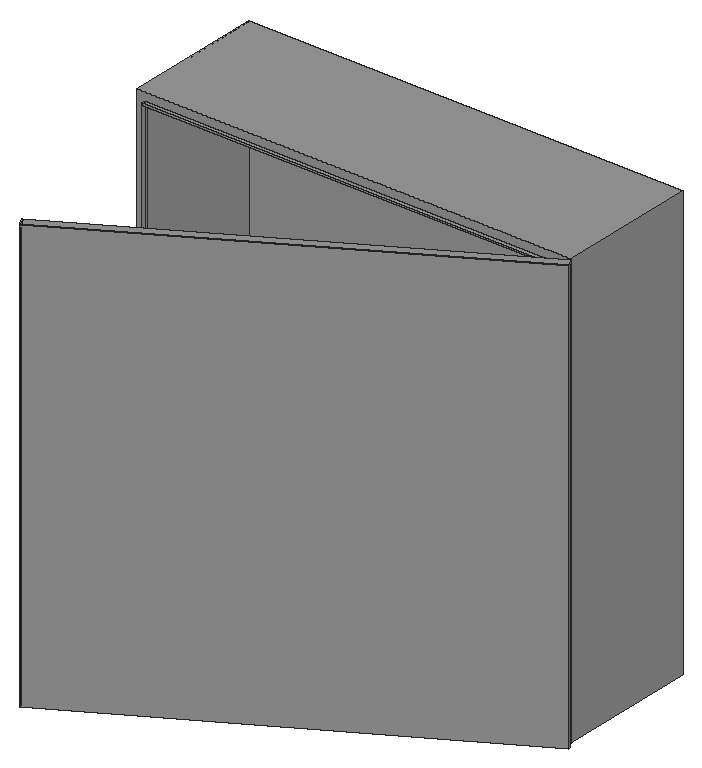
Revit family "Hager-Univers-IP55-D275-H800-Cl.II-Steel_encl-NoHosted-ES-es", category Electrical Equipment, Revit 2020
Family settings
  Panel Configuration = Two Columns, Circuits Across
  Round Connector Dimension = Use Diameter
  Part Type = Panelboard
  Work Plane-Based = Yes
  Always vertical = Yes
  Cut with Voids When Loaded = No
  Shared = No
  Room Calculation Point = No
Parameters (values of type "Montado superficial (escayola) IP55 A800 A800 P275  - FR53S")
  Width Control [instance] = if([EF000008 - Anchura] > Min Width, [EF000008 - Anchura], Min Width)  # 800 mm
  Type Comments = [HG000003 - Gama]  # "Univers"
  Thickness Door [instance] = if([EF009171 - Espesor puerta/tapa] > 3 mm, 3 mm, [EF009171 - Espesor puerta/tapa])  # 1.5 mm
  Seal Frame Offset [instance] = 17 mm  # constant formula
  Plinth Visibility [instance] = [HG000027 - Altura de zócalo] > 0 mm  # no
  Min Width [instance] = 100 mm  # constant formula
  Min Depth [instance] = (2 * [EF009170 - Espesor del material de la caja]) + 1 mm  # 4 mm
  Min Height [instance] = 100 mm  # constant formula
  Internal Frame Depth [instance] = (Door System Depth * 0.5)  # 9 mm
  Panel Name [instance] = ""  # (empty or 0)
  Model = ""
  HG000027 - Altura de zócalo = 0 mm
  HG000026 - Instalación en suelo = no
  HG000024 - Altura de la sección inferior = 600 mm
  HG000023 - Caja de doble sección = no
  HG000016 - Visibilidad de la puerta 3D [instance] = yes
  HG000015 - Visibilidad a través de la puerta [instance] = no
  HG000014 - Puerta a la derecha [instance] = yes
  HG000013 - Puerta a la izquierda [instance] = not([HG000014 - Puerta a la derecha])  # no
  HG000012 - Ángulo de giro de la puerta [instance] = 30.00°
  HG000010 - Puertas asimétricas = no
  HG000009 - Puerta batiente doble = no
  HG000006 - Empotrado = no
  HG000004 - Referencia del fabricante = "FR53S"
  HG000003 - Gama = "Univers"
  HG000002 - Con puerta o tapa = yes
  Frame Offset Bottom [instance] = 10 mm  # constant formula
  Frame Offset [instance] = 15 mm  # constant formula
  EF015940 - Tapa con alivio de sobrepresión = no
  EF011959 - Grado de protección (NEMA) = ""
  EF009554 - Número de aberturas para placas-brida = 6
  EF009212 - Versión de la cubierta = "EV000116 - Cerrado"
  EF009171 - Espesor puerta/tapa = 1.5 mm
  EF009170 - Espesor del material de la caja = 1.5 mm
  EF008873 - Corriente nominal (In) = 800 A
  EF007800 - Adecuado para la protección contra rayos = no
  EF006306 - Con cierre = no
  EF006244 - Tapa/puerta transparente = no
  EF005474 - Grado de protección (IP) = "EV006420 - IP55"
  EF004464 - Tipo de puerta = "EV002646 - Único"
  EF004427 - Número de módulos = 180
  EF004293 - Resistencia al impacto (IK) = "EV008784 - IK10"
  EF003532 - Adecuado para uso en exteriores = no
  EF002950 - Anchura de unidades de división = 24
  EF001613 - Integridad del circuito = "EV000494 - Ninguno"
  EF001596 - Material de la carcasa = "EV000179 - Acero"
  EF001131 - Profundidad interna = 275 mm
  EF001088 - Posibilidad de extensión = yes
  EF000437 - Número de entradas de conductos de cables = 6
  EF000339 - Tipo de cubierta = "EV004216 - Puerta"
  EF000266 - Número de filas = 5
  EF000218 - Profundidad de instalación = 0 mm
  EF000118 - Con placa de montaje = no
  EF000116 - Número RAL = "7035"
  EF000049 - Profundidad = 275 mm
  EF000040 - Altura = 800 mm
  EF000008 - Anchura = 800 mm
  EF000007 - Color = "EV000270 - Gris"
  EF000003 - Tipo de montaje = "EV000384 - Montado superficial (escayola)"
  Door System Leaf Tolerance [instance] = 1.5 mm  # constant formula
  Door System Depth [instance] = 18 mm  # constant formula
  Door Height [instance] = Height Control - [HG000027 - Altura de zócalo]  # 800 mm
  Description = ""
  Default Elevation = 1219.2 mm
  Connector Offset [instance] = Height Control / 2  # 400 mm
  Manufacturer = "Hager"  # constant formula
  Height Control [instance] = if([EF000040 - Altura] > Min Height, [EF000040 - Altura], Min Height)  # 800 mm
  Depth Control [instance] = if([EF000049 - Profundidad] > Min Depth, [EF000049 - Profundidad], Min Depth)  # 275 mm
  Bottom Top Plate Trim [instance] = 1.5 mm  # constant formula
  Plinth height Ctrl [instance] = if([HG000027 - Altura de zócalo] > 0 mm, [HG000027 - Altura de zócalo], 12 mm)  # 12 mm
Types (5, lengths in mm): name | Width Control | HG000010 - Puertas asimétricas | HG000009 - Puerta batiente doble | HG000004 - Referencia del fabricante | EF009554 - Número de aberturas para placas-brida | EF004464 - Tipo de puerta | EF004427 - Número de módulos | EF000437 - Número de entradas de conductos de cables | EF000008 - Anchura
  Montado superficial (escayola) IP55 A1050 A800 P275  - FR54S | 1050 | no | yes | "FR54S" | 8 | "EV003602 - Doble" | 240 | 8 | 1050
  Montado superficial (escayola) IP55 A1300 A800 P275  - FR55S | 1300 | yes | yes | "FR55S" | 10 | "EV003602 - Doble" | 300 | 10 | 1300
  Montado superficial (escayola) IP55 A300 A800 P275  - FR51S | 300 | no | no | "FR51S" | 2 | "EV002646 - Único" | 60 | 2 | 300
  Montado superficial (escayola) IP55 A550 A800 P275  - FR52S | 550 | no | no | "FR52S" | 4 | "EV002646 - Único" | 120 | 4 | 550
  Montado superficial (escayola) IP55 A800 A800 P275  - FR53S | 800 | no | no | "FR53S" | 6 | "EV002646 - Único" | 180 | 6 | 800
Reference planes
  plane 1 "Center (Front/Back)": y = 0
  plane 2: z = 0
  plane 3 "Center (Left/Right)": x = 0
  plane 4: y = 0
  plane 5: y = 0
  plane 6: z = 0
  plane 7: x = -400
  plane 8: x = 400
  plane 9: x = 398.5
  plane 10: x = -398.5
  plane 11: z = 0
  plane 12: z = 1.5
  plane 13: y = -275
  plane 14: y = -1.5
  plane 15: x = 0
  plane 16: y = -257
  plane 17: y = -273.5
  plane 18: y = -255.5
  plane 19: x = -383.5
  plane 20: x = 383.5
  plane 21: z = 11.5
  plane 22: x = -383
  plane 23: x = 383
  plane 24: z = 0
  plane 25: z = 800
  plane 26: z = 800
  plane 27: z = 783.5
  plane 28: z = 798.5
Forms (mm)
  Extrusion 1, solid, material "Hager_Steel_RAL7035_Light_Grey", detail levels medium+fine
    sketch origin (-208.679, -4572, 0) x (-1, 0, 0) y (0, -1, 0)
      loop
        line (191.321, -4315) -> (-608.679, -4315) -> (-608.679, -4572) -> (191.321, -4572) -> (191.321, -4315)
    from 0 to 800
  Extrusion 2, void
    sketch origin (-350.771, -275, 1219.2) x (1, 0, 0) y (0, 0, 1)
      loop
        line (-47.729, -420.7) -> (-47.729, -1217.7) -> (749.271, -1217.7) -> (749.271, -420.7) -> (-47.729, -420.7)
    from -19.5 to -273.5
  Extrusion 3, void
    sketch origin (-290.084, -257, 1219.2) x (1, 0, 0) y (0, 0, 1)
      loop
        line (-93.416, -1207.7) -> (673.584, -1207.7) -> (673.584, -435.7) -> (-93.416, -435.7) -> (-93.416, -1207.7)
    from 0 to -1.5
  Extrusion 4, solid, material "Hager_Steel_RAL7035_Light_Grey", visible <- "Plinth Visibility", detail levels medium+fine
    sketch origin (0, 0, 0) x (1, 0, 0) y (0, 1, 0)
      loop
        line (-400, 0) -> (-400, -257) -> (400, -257) -> (400, 0) -> (-400, 0)
    from 0 to 12 <- "Plinth height Ctrl"
  Extrusion 5, solid, material "Hager_Steel_RAL7035_Light_Grey", detail levels coarse
    sketch origin (0, 0, 0) x (1, 0, 0) y (0, 1, 0)
      loop
        line (-400, 0) -> (-400, -275) -> (400, -275) -> (400, 0) -> (-400, 0)
    from 0 to 800 <- "Height Control"
  Sweep 6, void
    path in 3D
      loop
        line (-400, -257, 12) -> (400, -257, 12) -> (400, 0, 12) -> (-400, 0, 12) -> (-400, -257, 12)
    profile origin (-400, -128.5, 12) x (1, 0, 0) y (0, 0, 1)
      loop
        line (0, 0) -> (0, -1.5) -> (1.5, -1.5)
        arc (1.5, -1.5) -> (1.061, -0.439) -> (0, 0) r 1.5
  Extrusion 7, solid, material "Hager_Steel_RAL7035_Light_Grey", detail levels fine
    sketch origin (-400, -257, 0) x (1, 0, 0) y (0, 0, 1)
      loop
        line (16.5, 11.5) -> (783.5, 11.5) -> (783.5, 783.5) -> (16.5, 783.5) -> (16.5, 11.5)
      loop
        line (15, 10) -> (785, 10) -> (785, 785) -> (15, 785) -> (15, 10)
    from 0 to 9 <- "Internal Frame Depth"
Cuts and joins
  Extrusion 2, Extrusion 3 cuts Extrusion 1
  Sweep 6 cuts Extrusion 4
Lines and regions (mm)
  Masking region 1
    outline origin (0, 0, 0) x (1, 0, 0) y (0, 1, 0)
      loop
        line (-400, 0) -> (-400, -275) -> (400, -275) -> (400, 0) -> (-400, 0)
  Masking region 2, detail levels coarse
    outline origin (-290.084, -257, 1219.2) x (-1, 0, 0) y (0, 0, 1)
      loop
        line (-690.084, -1219.2) -> (109.916, -1219.2) -> (109.916, -419.2) -> (-690.084, -419.2) -> (-690.084, -1219.2)
  Masking region 3, detail levels coarse
    outline origin (0, 0, 0) x (0, 1, 0) y (0, 0, 1)
      loop
        line (0, 0) -> (0, 800) -> (-275, 800) -> (-275, 0) -> (0, 0)
  Masking region 4, visible <- "Plinth Visibility", detail levels medium+fine
    outline origin (0, 0, 0) x (0, 1, 0) y (0, 0, 1)
      loop
        line (-1.5, 12) -> (-255.5, 12)
        arc (-255.5, 12) -> (-255.939, 10.939) -> (-257, 10.5) r 1.5
        line (-257, 10.5) -> (-257, 0) -> (0, 0) -> (0, 10.5)
        arc (0, 10.5) -> (-1.061, 10.939) -> (-1.5, 12) r 1.5
  Masking region 5, detail levels medium+fine
    outline origin (0, 0, 594.038) x (0, 1, 0) y (0, 0, 1)
      loop
        line (0, -594.038) -> (0, 205.962) -> (-257, 205.962) -> (-257, -594.038) -> (0, -594.038)
  Masking region 6, detail levels medium+fine
    outline origin (-359.7, -257, 1211.883) x (-1, 0, 0) y (0, 0, 1)
      loop
        line (-759.7, -1211.883) -> (40.3, -1211.883) -> (40.3, -411.883) -> (-759.7, -411.883) -> (-759.7, -1211.883)
  Masking region 7, visible <- "Plinth Visibility", detail levels medium+fine
    outline origin (-320.334, -257, 1041.368) x (-1, 0, 0) y (0, 0, 1)
      loop
        line (-720.334, -1041.368) -> (79.666, -1041.368) -> (79.666, -1030.868)
        arc (79.666, -1030.868) -> (78.606, -1030.429) -> (78.166, -1029.368) r 1.5
        line (78.166, -1029.368) -> (-718.834, -1029.368)
        arc (-718.834, -1029.368) -> (-719.273, -1030.429) -> (-720.334, -1030.868) r 1.5
        line (-720.334, -1030.868) -> (-720.334, -1041.368)
  sketch lines
    curve 1: line (-400, 0, 12) -> (-400, -257, 12)
    curve 2: line (-400, -257, 12) -> (400, -257, 12)
    curve 3: line (400, 0, 12) -> (-400, 0, 12)
    curve 4: line (400, -257, 12) -> (400, 0, 12)
Dimensions and locks
  locked: plane 1 "Center (Front/Back)" to plane 5
  "EF009170 - Espesor del material de la caja": plane 7 to plane 10
  "EF009170 - Espesor del material de la caja": plane 8 to plane 9
  equal spacing: plane 7, plane 3 "Center (Left/Right)", plane 8
  "Width Control": plane 7 to plane 8
  "Depth Control": plane 4 to plane 13
  "EF009170 - Espesor del material de la caja": plane 4 to plane 14
  "Height Control": plane 25 to level
  "HG000027 - Altura de zócalo": plane 11 to level
  "EF009170 - Espesor del material de la caja": plane 12 to plane 11
  "EF009170 - Espesor del material de la caja": plane 17 to plane 13
  "EF009170 - Espesor del material de la caja": plane 18 to plane 16
  "Frame Offset Bottom": plane 21 to plane 12
  "Frame Offset": plane 10 to plane 19
  "Frame Offset": plane 9 to plane 20
  "Door System Depth": plane 16 to plane 13
  "Seal Frame Offset": plane 7 to plane 22
  "Seal Frame Offset": plane 8 to plane 23
  "EF009170 - Espesor del material de la caja": plane 26 to plane 28
  "Frame Offset": plane 28 to plane 27
  "Connector Offset": plane 2 to connector elem
  "Bottom Top Plate Trim": profile plane to Sweep 6 sketch curve
  "Bottom Top Plate Trim": Sweep 6 sketch curve to Sweep 6 sketch curve
  "Plinth height Ctrl": Masking region 4 sketch curve to level
  "Plinth height Ctrl": Masking region 7 sketch curve to level
  "Thickness Door": Extrusion 7 sketch curve to Extrusion 7 sketch curve  (x4)
  "Bottom Top Plate Trim": radius of Sweep 6 sketch curve
  "Bottom Top Plate Trim": radius of Masking region 4 sketch curve  (x2)
  "Bottom Top Plate Trim": radius of Masking region 7 sketch curve  (x2)
  aligned and locked: Extrusion 2 sketch curve to plane 12
  aligned and locked: Extrusion 2 sketch curve to plane 9
  aligned and locked: Extrusion 2 sketch curve to plane 10
  aligned and locked: Extrusion 2 to plane 14
  aligned and locked: Extrusion 1 sketch curve to plane 4
  aligned and locked: plane 8 to Extrusion 1 sketch curve
  aligned and locked: plane 7 to Extrusion 1 sketch curve
  aligned and locked: Extrusion 2 to plane 18
  aligned and locked: Extrusion 3 sketch curve to plane 19
  aligned and locked: plane 20 to Extrusion 3 sketch curve
  aligned and locked: Extrusion 3 to Extrusion 2
  aligned and locked: Extrusion 3 sketch curve to plane 21
  aligned and locked: plane 3 "Center (Left/Right)" to nested 1
  aligned and locked: Extrusion 1 sketch curve to plane 16
  aligned and locked: Extrusion 4 sketch curve to cut or joined group of Extrusion 1, Extrusion 2, Extrusion 3
  aligned and locked: Masking region 1 sketch curve to plane 7
  aligned and locked: Masking region 1 sketch curve to plane 5
  aligned and locked: Masking region 1 sketch curve to plane 8
  aligned and locked: Masking region 2 sketch curve to level
  aligned and locked: level to Masking region 3 sketch curve
  aligned and locked: plane 1 "Center (Front/Back)" to Masking region 3 sketch curve
  aligned and locked: plane 13 to Masking region 3 sketch curve
  aligned and locked: plane 5 to Masking region 4 sketch curve
  aligned and locked: Masking region 2 sketch curve to plane 8
  aligned and locked: Masking region 2 sketch curve to plane 7
  aligned and locked: plane 7 to nested 2
  aligned and locked: nested 2 to plane 5
  aligned and locked: plane 5 to Masking region 5 sketch curve
  aligned and locked: plane 26 to Masking region 5 sketch curve
  aligned and locked: Extrusion 5 sketch curve to plane 8
  aligned and locked: Extrusion 5 sketch curve to plane 7
  aligned and locked: Extrusion 5 sketch curve to plane 5
  aligned and locked: Extrusion 3 sketch curve to plane 27
  aligned and locked: Extrusion 2 sketch curve to plane 28
  aligned and locked: Masking region 2 to plane 25
  aligned and locked: Extrusion 4 to plane 16
  aligned and locked: profile plane to Sweep 6 sketch curve
  aligned and locked: Masking region 5 sketch curve to plane 24
  aligned and locked: level to Masking region 4 sketch curve
  aligned and locked: Masking region 1 to plane 13
  aligned and locked: nested 1 to plane 16
  aligned and locked: Masking region 3 to plane 25
  aligned and locked: plane 16 to Masking region 4 sketch curve
  aligned and locked: Masking region 5 sketch curve to plane 16
  aligned and locked: plane 24 to plane 11
  aligned and locked: plane 26 to plane 25
  aligned and locked: plane 26 to cut or joined group of Extrusion 1, Extrusion 2, Extrusion 3
  aligned and locked: nested 1 to plane 24
  aligned and locked: Extrusion 1 to Extrusion 3
  aligned and locked: Masking region 6 sketch curve to plane 8
  aligned and locked: Masking region 6 sketch curve to plane 24
  aligned and locked: Masking region 6 sketch curve to plane 7
  aligned and locked: Masking region 6 sketch curve to plane 26
  aligned and locked: Masking region 7 sketch curve to plane 7
  aligned and locked: level to Masking region 7 sketch curve
  aligned and locked: Masking region 7 sketch curve to plane 8
  aligned and locked: Extrusion 7 sketch curve to cut or joined group of Extrusion 1, Extrusion 2, Extrusion 3  (x4)
Automatic sketch dimensions
  plane 19 to Extrusion 3 sketch curve = 0 mm
  Extrusion 3 sketch curve to plane 20 = 0 mm
  Extrusion 3 sketch curve to plane 21 = 0 mm
  Extrusion 4 sketch curve to plane 7 = 0 mm
  Extrusion 4 sketch curve to plane 8 = 0 mm
  Extrusion 4 sketch curve to plane 16 = 0 mm
  Masking region 1 sketch curve to plane 13 = 0 mm
  Masking region 2 sketch curve to plane 25 = 0 mm
  Masking region 3 sketch curve to plane 25 = 0 mm
  Extrusion 5 sketch curve to plane 13 = 0 mm
  profile plane to Sweep 6 sketch curve = 0 mm
Nested families
  nested 1: "EC000058_Univers_Door" at (0, -257, 0), Double <- "HG000009 - Puerta batiente doble", Transparent <- "EF006244 - Tapa/puerta transparente", Angle <- "HG000012 - Ángulo de giro de la puerta", Door_Right <- "HG000014 - Puerta a la derecha", Assymetrical <- "HG000010 - Puertas asimétricas", Door <- "HG000002 - Con puerta o tapa", Width_Ctrl <- "Width Control", 3d_Door <- "HG000016 - Visibilidad de la puerta 3D", Clearance <- "HG000015 - Visibilidad a través de la puerta", Door_Left <- "HG000013 - Puerta a la izquierda", Width <- "Width Control", Door_Depth <- "Door System Depth", Leaf_Tolerance <- "Door System Leaf Tolerance", Height <- "Door Height", Lock_Visibility <- "EF006306 - Con cierre", Thickness <- "Thickness Door", type "EC000058_Univers_Door", detail levels medium+fine
    with min_wh 4 mm, Width_Ctrl 800 mm, Width 800 mm, Transparent no, Thickness 1.5 mm, Seal_Material Hager_Rubber, Lock_Visibility no, Lock_Material Hager_Plastic_RAL9005_Jet_Black, Leaf_Width 800 mm, Leaf_Tolerance_External_Sides 0 mm, Leaf_Tolerance 1.5 mm, Leaf_Offset 0 mm, Leaf_Height 797 mm, Leaf_2_Width 800 mm, Leaf_2_Offset 400 mm, Leaf_1_Width 800 mm, Leaf_1_Offset 400 mm, Height_Ctrl 800 mm, Height 800 mm, Glass_Material Hager_Glass, Double_Clearance_Ctrl no, Double no, Door_Right_Ctrl yes, Door_Right yes, Door_Material Hager_Steel_RAL7035_Light_Grey, Door_Left_Ctrl no, Door_Left no, Door_Depth 18 mm, Door yes, Clearance_Material Hager_Clearance, Clearance_Depth 800 mm, Clearance_Ctrl no, Clearance no, Assymetrical no, Angle 30.00°, 3d_Door yes
  nested 2: "Hager_Enclosure_Symbol" at (-400, 0, 0), Height <- "Depth Control", Width <- "Width Control", type "Hager_Enclosure_Symbol"
    with Width_Ctrl 800 mm, Width 800 mm, Height_Ctrl 275 mm, Height 275 mm, A_Width_Int 18.047 mm, A_Width 216.562 mm, A_Height_Ctrl 240.625 mm, A_Height 240.625 mm
Connectors
  electrical at (0, 0, 400)
    settings: on plane 1 "Center (Front/Back)", index 1, voltage 0 V, apparent load 0 VA, apparent load phase1 0 VA, apparent load phase2 0 VA, apparent load phase3 0 VA, power factor 1, load classification "Other", number of poles 1, system type 30, power factor state 1, is connector primary yes, connector utility no, sub classification motor no, connector description ""
Definition of nested family "EC000058_Univers_Door"
  Parameters (values of type "EC000058_Univers_Door")
    min_wh [instance] = (2 * Thickness) + 1 mm  # 11 mm
    Width_Ctrl [instance] = 400 mm
    Width [instance] = 500 mm
    Transparent [instance] = yes
    Thickness [instance] = 5 mm
    Seal_Material [instance] = none
    Lock_Visibility [instance] = yes
    Lock_Material [instance] = none
    Leaf_Width [instance] = if((Width_Ctrl - 2 * Leaf_Tolerance_External_Sides) > 0 mm, (Width_Ctrl - 2 * Leaf_Tolerance_External_Sides), min_wh)  # 400 mm
    Leaf_Tolerance_External_Sides [instance] = 0 mm  # constant formula
    Leaf_Tolerance [instance] = 1.5 mm
    Leaf_Offset [instance] = 0 mm  # constant formula
    Leaf_Height [instance] = if((Height_Ctrl - 2 * Leaf_Tolerance) > 0 mm, (Height_Ctrl - 2 * Leaf_Tolerance), min_wh)  # 497 mm
    Leaf_2_Width [instance] = if(and(and(Double, Assymetrical), Door_Left), (Leaf_Width / 3) - (Leaf_Tolerance / 2), if(and(and(Double, Assymetrical), Door_Right), (Leaf_Width / 3) * 2 - (Leaf_Tolerance / 2), if(and(Double, not(Assymetrical)), (Leaf_Width / 2) - Leaf_Tolerance, Leaf_Width)))  # 400 mm
    Leaf_2_Offset [instance] = if(and(Double, Assymetrical), Leaf_2_Width / 2, if(and(Double, not(Assymetrical)), Leaf_Width / 4, Leaf_Width / 2))  # 200 mm
    Leaf_1_Width [instance] = if(and(and(Double, Assymetrical), Door_Right), (Leaf_Width / 3) - (Leaf_Tolerance / 2), if(and(and(Double, Assymetrical), Door_Left), (Width / 3) * 2 - (Leaf_Tolerance / 2), if(and(Double, not(Assymetrical)), (Leaf_Width / 2) - Leaf_Tolerance, Leaf_Width)))  # 400 mm
    Leaf_1_Offset [instance] = if(and(Double, Assymetrical), Leaf_1_Width / 2, if(and(Double, not(Assymetrical)), Leaf_Width / 4, Leaf_Width / 2))  # 200 mm
    Height_Ctrl [instance] = if(Height > min_wh, Height, min_wh)  # 500 mm
    Height [instance] = 500 mm
    Glass_Material [instance] = none
    Double_Clearance_Ctrl [instance] = and(Double, Clearance)  # no
    Double [instance] = no
    Door_Right_Ctrl [instance] = and(or(Door_Right, Double), Door)  # yes
    Door_Right [instance] = yes
    Door_Material [instance] = none
    Door_Left_Ctrl [instance] = and(or(Door_Left, Double), Door)  # no
    Door_Left [instance] = no
    Door_Depth [instance] = 30 mm
    Door [instance] = yes
    Default Elevation = 1219.2 mm
    Clearance_Material [instance] = none
    Clearance_Depth [instance] = if(Leaf_1_Width > Leaf_2_Width, Leaf_1_Width, Leaf_2_Width)  # 400 mm
    Clearance_Ctrl [instance] = and(not(Double), Clearance)  # yes
    Clearance [instance] = yes
    Assymetrical [instance] = yes
    Angle [instance] = 30.00°
    3d_Door [instance] = yes
  Reference planes
    plane 1 "Center (Front/Back)": y = 0
    plane 2 "Bottom": z = 0
    plane 3 "Center (Left/Right)": x = 0
    plane 4: z = 500
    plane 5: x = -200
    plane 6: x = 200
    plane 7: z = 500
    plane 8: x = -200
    plane 9: z = 0
    plane 10: x = 200
    plane 11: y = 0
    plane 12: z = 1.5
    plane 13: x = -600
    plane 14: y = -400
    plane 15: x = 600
    plane 16: x = 0
    plane 17: x = 0
    plane 18: x = -200
    plane 19: x = 200
    plane 20: z = 498.5
  Forms (mm)
    Extrusion 1, solid, material <- "Clearance_Material", visible <- "Double_Clearance_Ctrl"
      sketch origin (1200, 0, 0) x (1, 0, 0) y (0, 0, -1)
        loop
          line (-1800, -498.5) -> (-600, -498.5) -> (-600, 0) -> (-1800, 0) -> (-1800, -498.5)
      from 0 to -400
  Dimensions and locks
    equal spacing: plane 5, plane 3 "Center (Left/Right)", plane 6
    "Width_Ctrl": plane 5 to plane 6
    "Leaf_Offset": plane 5 to plane 8
    "Leaf_Offset": plane 6 to plane 10
    "Leaf_Offset": plane 9 to level
    "Leaf_Offset": plane 4 to plane 7
    "Height_Ctrl": plane 4 to level
    "Leaf_Tolerance": plane 12 to plane 9
    locked: plane 11 to plane 1 "Center (Front/Back)"
    "Leaf_1_Offset": plane 18 to plane 16
    "Leaf_2_Offset": plane 17 to plane 19
    "Leaf_1_Width": plane 13 to plane 8
    "Leaf_2_Width": plane 10 to plane 15
    "Clearance_Depth": plane 14 to plane 1 "Center (Front/Back)"
    "Leaf_Tolerance_External_Sides": plane 8 to plane 18
    "Leaf_Tolerance_External_Sides": plane 19 to plane 10
    "Leaf_Tolerance": plane 7 to plane 20
    aligned and locked: level to plane 2 "Bottom"
    aligned and locked: nested 1 to plane 16
    aligned and locked: nested 2 to plane 17
    aligned and locked: Extrusion 1 to plane 13
    aligned and locked: plane 15 to Extrusion 1
    aligned and locked: Extrusion 1 to plane 14
    aligned and locked: plane 12 to nested 1
    aligned and locked: nested 2 to plane 12
    aligned and locked: Extrusion 1 to plane 11
    aligned and locked: plane 20 to Extrusion 1
    aligned and locked: nested 2 to plane 11
    aligned and locked: nested 1 to plane 11
  Automatic sketch dimensions
    Extrusion 1 sketch curve to level = 0 mm
    plane 5 to Extrusion 1 sketch curve = 400 mm
    plane 6 to Extrusion 1 sketch curve = 400 mm
    Extrusion 1 sketch curve to plane 4 = 1.5 mm
  Nested families
    nested 1: "EC000058_Univers_Door_Leaf" at (0, 0, 1.5), Width <- "Leaf_1_Width", visible <- "Door_Left_Ctrl", Leaf_Height <- "Leaf_Height", Angle <- "Angle", 3d_Door <- "3d_Door", Transparent <- "Transparent", Clearance Material <- "Clearance_Material", Clearance <- "Clearance_Ctrl", Door_Material <- "Door_Material", Glass_Material <- "Glass_Material", Door_Depth <- "Door_Depth", Lock_Material <- "Lock_Material", Seal_Material <- "Seal_Material", Lock_Visibility <- "Lock_Visibility", Thickness <- "Thickness", type "EC000058_Univers_Door_Leaf"
      with Width 400 mm, Transparent_Glass_Offset 30 mm, Transparent_Ctrl yes, Transparent yes, Thickness 5 mm, Standard no, Seal_Material none, Seal_D2 8 mm, Seal_D1 1 mm, Offset_Internal_Frame 10 mm, Lock_Width 20 mm, Lock_Visibility_3d yes, Lock_Visibility yes, Lock_Thickness_3 3 mm, Lock_Thickness_2 1 mm, Lock_Thickness_1 3 mm, Lock_Radius_Offset_2 16 mm, Lock_Radius_Offset_1 15 mm, Lock_Radius_2 5 mm, Lock_Radius 6 mm, Lock_Offset 5 mm, Lock_Material none, Lock_Height 80 mm, Lock_Cover_Top_Offset_2d 17 mm, Lock_Cover_Height -65 mm, Leaf_Height 497 mm, Internal_Seal_Thickness 8 mm, Internal_Seal_Depth_2 4.5 mm, Internal_Frame_Depth 25 mm, Glass_Thickness -1 mm, Glass_Offset -2 mm, Glass_Material none, Door_Material none, Door_Depth 30 mm, Clearance Material none, Clearance yes, Angle_Ctrl 30.00°, Angle 30.00°, 3d_Door yes
    nested 2: "EC000058_Univers_Door_Leaf" at (0, 0, 1.5) x (-1, 0, 0) z (0, 0, 1), Width <- "Leaf_2_Width", visible <- "Door_Right_Ctrl", Leaf_Height <- "Leaf_Height", Angle <- "Angle", 3d_Door <- "3d_Door", Transparent <- "Transparent", Clearance Material <- "Clearance_Material", Clearance <- "Clearance_Ctrl", Door_Material <- "Door_Material", Glass_Material <- "Glass_Material", Door_Depth <- "Door_Depth", Lock_Material <- "Lock_Material", Seal_Material <- "Seal_Material", Lock_Visibility <- "Lock_Visibility", Thickness <- "Thickness", type "EC000058_Univers_Door_Leaf"
      with Width 400 mm, Transparent_Glass_Offset 30 mm, Transparent_Ctrl yes, Transparent yes, Thickness 5 mm, Standard no, Seal_Material none, Seal_D2 8 mm, Seal_D1 1 mm, Offset_Internal_Frame 10 mm, Lock_Width 20 mm, Lock_Visibility_3d yes, Lock_Visibility yes, Lock_Thickness_3 3 mm, Lock_Thickness_2 1 mm, Lock_Thickness_1 3 mm, Lock_Radius_Offset_2 16 mm, Lock_Radius_Offset_1 15 mm, Lock_Radius_2 5 mm, Lock_Radius 6 mm, Lock_Offset 5 mm, Lock_Material none, Lock_Height 80 mm, Lock_Cover_Top_Offset_2d 17 mm, Lock_Cover_Height -65 mm, Leaf_Height 497 mm, Internal_Seal_Thickness 8 mm, Internal_Seal_Depth_2 4.5 mm, Internal_Frame_Depth 25 mm, Glass_Thickness -1 mm, Glass_Offset -2 mm, Glass_Material none, Door_Material none, Door_Depth 30 mm, Clearance Material none, Clearance yes, Angle_Ctrl 30.00°, Angle 30.00°, 3d_Door yes
  Definition of nested family "EC000058_Univers_Door_Leaf"
    Parameters (values of type "EC000058_Univers_Door_Leaf")
      Width [instance] = 2000 mm
      Transparent_Glass_Offset [instance] = 30 mm
      Transparent_Ctrl [instance] = and(Transparent, [3d_Door])  # yes
      Transparent [instance] = yes
      Thickness [instance] = 5 mm
      Standard [instance] = and(not(Transparent), [3d_Door])  # no
      Seal_Material [instance] = none
      Seal_D2 [instance] = 8 mm  # constant formula
      Seal_D1 [instance] = 1 mm  # constant formula
      Offset_Internal_Frame [instance] = 10 mm  # constant formula
      Lock_Width [instance] = 20 mm  # constant formula
      Lock_Visibility_3d [instance] = and(Lock_Visibility, [3d_Door])  # yes
      Lock_Visibility [instance] = yes
      Lock_Thickness_3 [instance] = 3 mm  # constant formula
      Lock_Thickness_2 [instance] = 1 mm  # constant formula
      Lock_Thickness_1 [instance] = 3 mm  # constant formula
      Lock_Radius_Offset_2 [instance] = Lock_Radius_Offset_1 + 1 mm  # 16 mm
      Lock_Radius_Offset_1 [instance] = 15 mm  # constant formula
      Lock_Radius_2 [instance] = Lock_Radius - 1 mm  # 5 mm
      Lock_Radius [instance] = 6 mm  # constant formula
      Lock_Offset [instance] = 5 mm  # constant formula
      Lock_Material [instance] = none
      Lock_Height [instance] = 80 mm  # constant formula
      Lock_Cover_Top_Offset_2d [instance] = Lock_Radius_Offset_2 + 1 mm  # 17 mm
      Lock_Cover_Height [instance] = -(Lock_Height - Lock_Radius_Offset_1)  # -65 mm
      Leaf_Height [instance] = 2720.336 mm
      Internal_Seal_Thickness [instance] = 8 mm  # constant formula
      Internal_Seal_Depth_2 [instance] = 4.5 mm  # constant formula
      Internal_Frame_Depth [instance] = if(Door_Depth - Thickness > 5 mm, Door_Depth - Thickness, 5 mm)  # 25 mm
      Glass_Thickness [instance] = if(Thickness > 15 mm, Glass_Offset + 10 mm, -1 mm)  # -1 mm
      Glass_Offset [instance] = if(Thickness > 15 mm, -(Thickness + 10 mm) / 2, -2 mm)  # -2 mm
      Glass_Material [instance] = none
      Door_Material [instance] = none
      Door_Depth [instance] = 30 mm
      Default Elevation = 0 mm
      Clearance Material [instance] = none
      Clearance [instance] = yes
      Angle_Ctrl [instance] = if(Angle > 180.00°, 180.00°, Angle)  # 90.00°
      Angle [instance] = 90.00°
      3d_Door [instance] = yes
    Reference planes
      plane 1 "Center (Front/Back)": y = 0
      plane 2: z = 0
      plane 3 "Center (Left/Right)": x = 0
      plane 4: y = 2000
      plane 5: x = -1000
      plane 6: x = 1000
      plane 7: x = -3000
      plane 8: z = 2720.336
      plane 9: z = 30
      plane 10: z = 2690.336
      plane 11: x = 970
      plane 12: x = -970
      plane 13: y = -3
      plane 14: z = 107.833
      plane 15: y = -5
      plane 16: y = -223.314
      plane 17: x = -1000
      plane 18: z = 1360.168
      plane 19: y = 30
    Forms (mm)
      Extrusion 1, solid, material <- "Clearance Material", visible <- "Clearance"
        sketch origin (0, 0, 0) x (1, 0, 0) y (0, 0, 1)
          loop
            line (-3000, 2720.336) -> (-3000, 0) -> (1000, 0) -> (1000, 2720.336) -> (-3000, 2720.336)
        from 0 to -2000
      Extrusion 2, solid, material <- "Door_Material", visible <- "Standard", detail levels medium+fine
        sketch origin (-1000, 0, 0) x (0, 1, 0) y (-1, 0, 0)
          loop
            line (0, 30) -> (0, 25) -> (2000, 25) -> (2000, 30) -> (0, 30)
        from 0 to 2720.336 <- "Leaf_Height"
      Extrusion 3, solid, material <- "Door_Material", visible <- "Transparent_Ctrl", detail levels medium+fine
        sketch origin (-1000, 0, 0) x (0, 1, 0) y (-1, 0, 0)
          loop
            line (0, 25) -> (2000, 25) -> (2000, 30) -> (0, 30) -> (0, 25)
        from 0 to 2720.336 <- "Leaf_Height"
      Extrusion 4, void
        sketch origin (-1025, 2000, 0) x (0, 1, 0) y (0, 0, -1)
          loop
            line (-30, -2690.336) -> (-30, -30) -> (-1970, -30) -> (-1970, -2690.336) -> (-30, -2690.336)
        from 0 to 5 <- "Thickness"
      Sweep 5, solid, material <- "Seal_Material", visible <- "Transparent_Ctrl", detail levels fine
        path in 3D
          loop
            line (-1025, 30, 30) -> (-1025, 30, 2690.336) -> (-1025, 1970, 2690.336) -> (-1025, 1970, 30) -> (-1025, 30, 30)
        profile origin (-1025, 1000, 30) x (1, 0, 0) y (0, 0, 1)
          loop
            line (0, 0) -> (0, -8) -> (1, -8) -> (1, 0) -> (0, 0)
      Extrusion 6, solid, material <- "Glass_Material", visible <- "Transparent_Ctrl", detail levels medium+fine
        sketch origin (-1030, 0, 0) x (0, 1, 0) y (0, 0, -1)
          loop
            line (1970, -2690.336) -> (1970, -30) -> (30, -30) -> (30, -2690.336) -> (1970, -2690.336)
        from -2 <- "Glass_Offset" to -1 <- "Glass_Thickness"
      Extrusion 7, solid, material <- "Door_Material", visible <- "3d_Door", detail levels medium+fine
        sketch origin (-1025, 2000, 0) x (0, -1, 0) y (0, 0, -1)
          loop
            line (0, -2720.336) -> (2000, -2720.336) -> (2000, 0) -> (0, 0) -> (0, -2720.336)
          loop
            line (1995, -5) -> (5, -5) -> (5, -2715.336) -> (1995, -2715.336) -> (1995, -5)
        from 0 to 25 <- "Internal_Frame_Depth"
      Sweep 8, solid, material <- "Seal_Material", visible <- "Transparent_Ctrl", detail levels fine
        path in 3D
          loop
            line (-1025, 0, 0) -> (-1025, 2000, 0) -> (-1025, 2000, 2720.336) -> (-1025, 0, 2720.336) -> (-1025, 0, 0)
        profile origin (-1025, 0, 1360.168) x (1, 0, 0) y (0, 1, 0)
          loop
            line (0, 10) -> (2.975, 10)
            arc (2.975, 10) -> (4.053, 10.447) -> (4.5, 11.525) r 1.525
            line (4.5, 11.525) -> (4.5, 16.527)
            arc (4.5, 16.527) -> (4.069, 17.569) -> (3.027, 18) r 1.473
            line (3.027, 18) -> (0, 18) -> (0, 10)
      Extrusion 9, solid, material <- "Lock_Material", visible <- "Lock_Visibility_3d", detail levels fine
        sketch origin (-1030, 0, 0) x (0, 1, 0) y (0, 0, -1)
          loop
            arc (1993.5, -1400.168) -> (1994.561, -1399.729) -> (1995, -1398.668) r 1.5
            line (1995, -1398.668) -> (1995, -1320.168) -> (1975, -1320.168) -> (1975, -1398.668)
            arc (1975, -1398.668) -> (1975.439, -1399.729) -> (1976.5, -1400.168) r 1.5
            line (1976.5, -1400.168) -> (1993.5, -1400.168)
        from 3 <- "Lock_Thickness_1" to 0
      Blend 10, solid, material <- "Lock_Material", visible <- "Lock_Visibility_3d", detail levels fine
        base sketch origin (-1033, 0, 0) x (0, 1, 0) y (0, 0, -1)
          loop
            line (1975, -1320.168) -> (1975, -1398.668)
            arc (1975, -1398.668) -> (1975.439, -1399.729) -> (1976.5, -1400.168) r 1.5
            line (1976.5, -1400.168) -> (1993.5, -1400.168)
            arc (1993.5, -1400.168) -> (1994.561, -1399.729) -> (1995, -1398.668) r 1.5
            line (1995, -1398.668) -> (1995, -1320.168) -> (1975, -1320.168)
        top sketch origin (-1033, 0, 0) x (0, 1, 0) y (0, 0, -1)
          loop
            line (1976, -1320.168) -> (1976, -1398.668)
            arc (1976, -1398.668) -> (1976.146, -1399.022) -> (1976.5, -1399.168) r 0.5
            line (1976.5, -1399.168) -> (1993.5, -1399.168)
            arc (1993.5, -1399.168) -> (1993.854, -1399.022) -> (1994, -1398.668) r 0.5
            line (1994, -1398.668) -> (1994, -1320.168) -> (1976, -1320.168)
        from 0 to 1 <- "Lock_Thickness_2"
      Blend 11, solid, material <- "Lock_Material", visible <- "Lock_Visibility_3d", detail levels fine
        base sketch origin (-1034, 0, 0) x (0, 1, 0) y (0, 0, -1)
          loop
            line (1978, -1320.168) -> (1978, -1384.168)
            arc (1978, -1384.168) -> (1985, -1391.168) -> (1992, -1384.168) r 7
            line (1992, -1384.168) -> (1992, -1320.168) -> (1978, -1320.168)
        top sketch origin (-1034, 0, 0) x (0, 1, 0) y (0, 0, -1)
          loop
            line (1991, -1320.168) -> (1979, -1320.168) -> (1979, -1383.168)
            arc (1979, -1383.168) -> (1985, -1389.168) -> (1991, -1383.168) r 6
            line (1991, -1383.168) -> (1991, -1320.168)
        from 0 to 3 <- "Lock_Thickness_3"
      Extrusion 12, solid, material <- "Lock_Material", visible <- "Lock_Visibility_3d", detail levels fine
        sketch origin (-1030, 1975, 1320.168) x (1, 0, 0) y (0, -1, 0)
          loop
            line (-7, -19) -> (-7, -1) -> (0, -1) -> (0, 0) -> (-8, 0) -> (-8, -20) -> (0, -20) -> (0, -19) -> (-7, -19)
        from 0 to -65 <- "Lock_Cover_Height"
      Extrusion 13, void
        sketch origin (-1038, 1995, 1320.168) x (-1, 0, 0) y (0, 0, -1)
          loop
            line (-5, -65) -> (0, -65) -> (-5, -60) -> (-5, -65)
        from 0 to 20 <- "Lock_Width"
      Extrusion 14, void
        sketch origin (-1038, 1975, 1320.168) x (0, -1, 0) y (0, 0, -1)
          loop
            circle (-10, -15.995) r 6
          loop
            circle (-10, -15.995) r 5
        from 0 to 2
      Extrusion 15, solid, material <- "Lock_Material", visible <- "Lock_Visibility_3d", detail levels medium
        sketch origin (-1030, 0, 0) x (0, 1, 0) y (0, 0, -1)
          loop
            arc (1993.5, -1400.168) -> (1994.561, -1399.729) -> (1995, -1398.668) r 1.5
            line (1995, -1398.668) -> (1995, -1320.168) -> (1975, -1320.168) -> (1975, -1398.668)
            arc (1975, -1398.668) -> (1975.439, -1399.729) -> (1976.5, -1400.168) r 1.5
            line (1976.5, -1400.168) -> (1993.5, -1400.168)
        from 8 to 0
    Cuts and joins
      Extrusion 4 cuts Extrusion 3
      Extrusion 13, Extrusion 14 cuts Extrusion 9
      Extrusion 14 cuts Blend 11
      Extrusion 13, Extrusion 14 cuts Extrusion 12
      joined: Extrusion 9, Blend 10, Blend 11, Extrusion 12
      Extrusion 14 cuts Extrusion 15
    Lines and regions (mm)
      Masking region 1, visible <- "Lock_Visibility", detail levels fine
        outline origin (0, 0, 0) x (0, 1, 0) y (0, 0, 1)
          loop
            line (30, 1320.168) -> (33, 1320.168) -> (33, 1400.168) -> (30, 1400.168) -> (30, 1320.168)
      Masking region 2, visible <- "Lock_Visibility", detail levels fine
        outline origin (0, 3.143, 0) x (0, 1, 0) y (0, 0, 1)
          loop
            line (29.857, 1354.168) -> (30.857, 1354.168) -> (30.857, 1366.168) -> (29.857, 1366.168) -> (29.857, 1354.168)
      Masking region 3, detail levels medium+fine
        outline origin (0, 0, 0) x (0, 1, 0) y (0, 0, 1)
          loop
            line (0, 0) -> (30, 0) -> (30, 2720.336) -> (0, 2720.336) -> (0, 0)
      Masking region 4, detail levels medium+fine
        outline origin (0, 0, 0) x (1, 0, 0) y (0, 0, 1)
          loop
            line (-1000, 2720.336) -> (-1000, 0) -> (1000, 0) -> (1000, 2720.336) -> (-1000, 2720.336)
      Masking region 5, visible <- "Lock_Visibility", detail levels fine
        outline origin (-47.116, 0, 0) x (1, 0, 0) y (0, 0, 1)
          loop
            arc (1024.616, 1399.168) -> (1023.556, 1398.729) -> (1023.116, 1397.668) r 1.5
            line (1023.116, 1397.668) -> (1023.116, 1320.168) -> (1041.116, 1320.168) -> (1041.116, 1397.668)
            arc (1041.116, 1397.668) -> (1040.677, 1398.729) -> (1039.616, 1399.168) r 1.5
            line (1039.616, 1399.168) -> (1024.616, 1399.168)
      Masking region 6, visible <- "Lock_Visibility", detail levels medium+fine
        outline origin (-25, 0, 0) x (1, 0, 0) y (0, 0, 1)
          loop
            arc (1001.5, 1400.168) -> (1000.439, 1399.729) -> (1000, 1398.668) r 1.5
            line (1000, 1398.668) -> (1000, 1320.168) -> (1020, 1320.168) -> (1020, 1398.668)
            arc (1020, 1398.668) -> (1019.561, 1399.729) -> (1018.5, 1400.168) r 1.5
            line (1018.5, 1400.168) -> (1001.5, 1400.168)
      Masking region 7, visible <- "Lock_Visibility", detail levels fine
        outline origin (-73.735, 0, 0) x (1, 0, 0) y (0, 0, 1)
          loop
            line (1051.735, 1382.168) -> (1065.735, 1382.168) -> (1065.735, 1384.168)
            arc (1065.735, 1384.168) -> (1058.735, 1391.168) -> (1051.735, 1384.168) r 7
            line (1051.735, 1384.168) -> (1051.735, 1382.168)
      Masking region 8, visible <- "Lock_Visibility", detail levels fine
        outline origin (-73.735, 0, 0) x (1, 0, 0) y (0, 0, 1)
          loop
            line (1052.735, 1382.168) -> (1064.735, 1382.168) -> (1064.735, 1383.168)
            arc (1064.735, 1383.168) -> (1058.735, 1389.168) -> (1052.735, 1383.168) r 6
            line (1052.735, 1383.168) -> (1052.735, 1382.168)
      Masking region 9, visible <- "Lock_Visibility", detail levels fine
        outline origin (-25, 0, 0) x (1, 0, 0) y (0, 0, 1)
          loop
            line (1020, 1320.168) -> (1020, 1382.168) -> (1000, 1382.168) -> (1000, 1320.168) -> (1020, 1320.168)
      Masking region 10, detail levels medium+fine
        outline origin (0, 0, 0) x (1, 0, 0) y (0, 0, 1)
          loop
            circle (985, 1335.144) r 6
      Masking region 11, detail levels fine
        outline origin (0, 0, 0) x (1, 0, 0) y (0, 0, 1)
          loop
            circle (985, 1335.144) r 5
      Masking region 12, visible <- "Lock_Visibility", detail levels fine
        outline origin (0, 12.767, 0) x (0, 1, 0) y (0, 0, 1)
          loop
            line (20.233, 1320.168) -> (21.233, 1320.168) -> (21.233, 1399.168) -> (20.233, 1400.168) -> (20.233, 1320.168)
      Masking region 13, visible <- "Lock_Visibility", detail levels fine
        outline origin (0, 13.767, -10) x (0, 1, 0) y (0, 0, 1)
          loop
            line (20.233, 1330.168) -> (23.233, 1330.168) -> (23.233, 1399.168) -> (20.233, 1402.168) -> (20.233, 1330.168)
      Masking region 14, visible <- "Lock_Visibility", detail levels fine
        outline origin (0, 12.767, -10) x (0, 1, 0) y (0, 0, 1)
          loop
            line (20.233, 1330.168) -> (25.233, 1330.168) -> (25.233, 1399.305) -> (20.233, 1394.305) -> (20.233, 1330.168)
      Masking region 15, visible <- "Lock_Visibility", detail levels medium
        outline origin (0, 0, 0) x (0, 1, 0) y (0, 0, 1)
          loop
            line (30, 1320.168) -> (38, 1320.168) -> (38, 1400.168) -> (30, 1400.168) -> (30, 1320.168)
      Masking region 16, visible <- "Lock_Visibility", detail levels fine
        outline origin (-1000, 0, 0) x (0, 1, 0) y (-1, 0, 0)
          loop
            line (1975, 30) -> (1995, 30) -> (1995, 38) -> (1975, 38) -> (1975, 30)
          loop
            line (1979, 37) -> (1976, 37) -> (1976, 34) -> (1978, 34) -> (1979, 37)
          loop
            line (1994, 37) -> (1991, 37) -> (1992, 34) -> (1994, 34) -> (1994, 37)
      Masking region 17, visible <- "Lock_Visibility", detail levels medium
        outline origin (-1000, 0, 0) x (0, 1, 0) y (-1, 0, 0)
          loop
            line (1975, 30) -> (1995, 30) -> (1995, 38) -> (1975, 38) -> (1975, 30)
      symbolic lines
        curve 1: line (1000, 0, 0) -> (-3000, 0, 0)
        curve 2: arc (1000, 0, 0) -> (-1000, 2000, 0) -> (-3000, 0, 0) r 2000
        curve 4: line (-1030, 0, 0) -> (-1030, 2000, 0)
      reference lines
        curve 3: line (-1000, 0, 0) -> (-1000, 2000, 0)
      symbolic lines, detail levels medium+fine
        curve 5: line (-1030, 2000, 0) -> (-1025, 2000, 0)
        curve 7: line (-1025, 0, 0) -> (-1030, 0, 0)
        curve 8: line (-1025, 0, 0) -> (-1000, 0, 0)
        curve 9: line (-1000, 0, 0) -> (-1000, 2000, 0)
        curve 10: line (-1000, 2000, 0) -> (-1025, 2000, 0)
      symbolic lines, detail levels fine
        curve 6: line (-1025, 2000, 0) -> (-1025, 0, 0)
      sketch lines
        curve 11: line (-1025, 0, 2720.336) -> (-1025, 0, 0)
        curve 12: line (-1025, 2000, 0) -> (-1025, 0, 0)
        curve 13: line (-1025, 2000, 2720.336) -> (-1025, 2000, 0)
        curve 14: line (-1025, 0, 2720.336) -> (-1025, 2000, 2720.336)
        curve 15: line (-1025, 1970, 30) -> (-1025, 30, 30)
        curve 16: line (-1025, 30, 30) -> (-1025, 30, 2690.336)
        curve 17: line (-1025, 1970, 2690.336) -> (-1025, 1970, 30)
        curve 18: line (-1025, 30, 2690.336) -> (-1025, 1970, 2690.336)
      symbolic lines, visible <- "Transparent", detail levels medium+fine
        curve 19: line (-970, 0, 2690.336) -> (970, 0, 2690.336)
        curve 20: line (-970, 0, 30) -> (-970, 0, 2690.336)
        curve 21: line (970, 0, 30) -> (-970, 0, 30)
        curve 22: line (970, 0, 2690.336) -> (970, 0, 30)
    Dimensions and locks
      "Width": plane 1 "Center (Front/Back)" to plane 4
      equal spacing: plane 5, plane 3 "Center (Left/Right)", plane 6
      "Width": plane 5 to plane 6
      "Width": plane 7 to plane 5
      "Leaf_Height": plane 8 to level
      "Width": curve 5 to curve 3
      "Width": curve 3 to curve 3
      plane 8 to plane 10 = 30 mm
      plane 9 to level = 30 mm
      plane 12 to plane 5 = 30 mm
      plane 6 to plane 11 = 30 mm
      Extrusion 1 to Extrusion 4 sketch curve = 30 mm
      "Transparent_Glass_Offset": curve 3 to Extrusion 4 sketch curve
      "Transparent_Glass_Offset": Extrusion 4 sketch curve to cut or joined group of Extrusion 3, Extrusion 4  (x2)
      cut or joined group of Extrusion 3, Extrusion 4 to Extrusion 6 sketch curve = 30 mm
      "Transparent_Glass_Offset": cut or joined group of Extrusion 3, Extrusion 4 to Extrusion 4 sketch curve
      "Thickness": curve 6 to curve 4
      "Thickness": Extrusion 7 sketch curve to Extrusion 7 sketch curve  (x4)
      "Door_Depth": curve 4 to curve 3
      "Offset_Internal_Frame": profile plane to Sweep 8 sketch curve
      "Internal_Seal_Thickness": Sweep 8 sketch curve to Sweep 8 sketch curve
      "Internal_Seal_Depth_2": profile plane to Sweep 8 sketch curve
      "Seal_D1": profile plane to Sweep 5 sketch curve
      "Seal_D2": profile plane to Sweep 5 sketch curve
      "Thickness": Extrusion 2 sketch curve to Extrusion 2 sketch curve
      equal spacing: Extrusion 9 sketch curve, plane 18, Extrusion 9 sketch curve  (x2)
      equal spacing: Masking region 1 sketch curve, plane 18, Masking region 1 sketch curve
      "Lock_Height": Masking region 1 sketch curve to Masking region 1 sketch curve
      "Lock_Radius": Masking region 2 sketch curve to plane 18 to Masking region 2 sketch curve
      Masking region 2 sketch curve to Masking region 1 = 1 mm
      "Door_Depth": plane 19 to plane 1 "Center (Front/Back)"
      "Lock_Thickness_1": Masking region 1 sketch curve to plane 19
      "Lock_Width": Extrusion 9 sketch curve to Extrusion 9 sketch curve
      "Lock_Height": Extrusion 9 sketch curve to Extrusion 9 sketch curve
      "Lock_Offset": cut or joined group of Extrusion 3, Extrusion 4 to Extrusion 9 sketch curve
      equal spacing: plane 8, plane 18, level
      "Lock_Radius_Offset_1": Blend 11 sketch curve to Blend 10
      locked: Blend 10 to Blend 11 sketch curve at 2  (x2)
      locked: var sketch to Blend 11 sketch curve at 1  (x2)
      "Lock_Radius_Offset_2": Blend 11 sketch curve to Blend 10
      locked: Extrusion 12 sketch curve to Extrusion 12 sketch curve at 1  (x3)
      Masking region 6 sketch curve to Masking region 6 sketch curve = 80 mm
      "Lock_Height": Masking region 6 sketch curve to Masking region 6 sketch curve
      "Lock_Width": Masking region 6 sketch curve to Masking region 6 sketch curve
      locked: Masking region 6 to Masking region 5 sketch curve at 1  (x3)
      locked: Masking region 5 to Masking region 7 sketch curve at 2  (x2)
      "Lock_Radius_Offset_1": Masking region 5 to Masking region 7 sketch curve
      "Lock_Radius_Offset_2": Masking region 5 to Masking region 8 sketch curve
      locked: Masking region 7 to Masking region 8 sketch curve at 1  (x2)
      "Lock_Cover_Top_Offset_2d": Masking region 5 to Masking region 9 sketch curve
      equal spacing: Masking region 9, Masking region 10 sketch curve, Masking region 9
      equal spacing: Masking region 9, Masking region 11 sketch curve, Masking region 9
      Extrusion 15 sketch curve to Extrusion 15 sketch curve = 80 mm
      "Lock_Width": Extrusion 15 sketch curve to Extrusion 15 sketch curve
      "Lock_Height": Extrusion 15 sketch curve to Extrusion 15 sketch curve
      equal spacing: Extrusion 15 sketch curve, plane 18, Extrusion 15 sketch curve
      "Lock_Thickness_3": Masking region 13 sketch curve to Masking region 13 sketch curve
      "Lock_Height": Masking region 12 sketch curve to Masking region 12 sketch curve
      locked: Masking region 13 sketch curve to Masking region 1 at 8
      locked: Masking region 14 sketch curve to Masking region 13 at 1
      locked: Masking region 14 sketch curve to Masking region 1 at 10.863
      "Lock_Height": Masking region 15 sketch curve to Masking region 15 sketch curve
      "Lock_Offset": Extrusion 15 sketch curve to cut or joined group of Extrusion 3, Extrusion 4
      "Lock_Offset": plane 6 to Masking region 6 sketch curve
      radius of Sweep 8 sketch curve = 1.525 mm
      radius of Sweep 8 sketch curve = 1.473 mm
      radius of Extrusion 9 sketch curve = 1.5 mm  (x2)
      "Lock_Radius": radius of Extrusion 14 sketch curve
      "Lock_Radius_2": radius of Extrusion 14 sketch curve
      "Lock_Radius": radius of Masking region 10 sketch curve
      "Lock_Radius_2": radius of Masking region 11 sketch curve
      radius of Extrusion 15 sketch curve = 1.5 mm  (x2)
      "Angle_Ctrl": angle plane 1 "Center (Front/Back)" to curve 3
      locked: Masking region 12 sketch curve to Masking region 12 sketch curve (angle 45.00°)
      locked: Masking region 13 sketch curve to Masking region 13 sketch curve (angle 45.00°)
      locked: Masking region 14 sketch curve to Masking region 14 sketch curve (angle 45.00°)
      aligned and locked: level to plane 2
      aligned and locked: Extrusion 1 to curve 1
      aligned and locked: plane 6 to Extrusion 1
      aligned and locked: Extrusion 1 to plane 1 "Center (Front/Back)"
      aligned and locked: plane 4 to Extrusion 1
      aligned and locked: plane 8 to Extrusion 1
      aligned and locked: curve 7 to Extrusion 2 sketch curve
      aligned and locked: curve 5 to Extrusion 2 sketch curve
      aligned and locked: curve 7 to Extrusion 3 sketch curve
      aligned and locked: Extrusion 3 sketch curve to curve 4
      aligned and locked: Extrusion 3 sketch curve to curve 6
      aligned and locked: Extrusion 3 sketch curve to curve 5
      aligned and locked: curve 9 to curve 3
      aligned and locked: Extrusion 7 sketch curve to cut or joined group of Extrusion 3, Extrusion 4  (x4)
      aligned and locked: plane 17 to curve 3
      aligned and locked: plane 1 "Center (Front/Back)" to curve 3
      aligned and locked: plane 17 to plane 5
      aligned and locked: Sweep 8 sketch curve to profile plane
      aligned and locked: Sweep 5 sketch curve to profile plane  (x2)
      aligned and locked: Masking region 1 to Masking region 2 sketch curve
      aligned and locked: plane 19 to Masking region 1 sketch curve
      aligned and locked: plane 1 "Center (Front/Back)" to Masking region 3 sketch curve
      aligned and locked: plane 19 to Masking region 3 sketch curve
      aligned and locked: level to Masking region 3 sketch curve
      aligned and locked: Masking region 3 sketch curve to plane 8
      aligned and locked: plane 17 to Masking region 4 sketch curve
      aligned and locked: level to Masking region 4 sketch curve
      aligned and locked: Masking region 4 sketch curve to plane 8
      aligned and locked: plane 12 to curve 20
      aligned and locked: plane 10 to curve 19
      aligned and locked: plane 11 to curve 22
      aligned and locked: curve 21 to plane 9
      aligned and locked: Extrusion 2 sketch curve to cut or joined group of Extrusion 3, Extrusion 4
      aligned and locked: Blend 10 sketch curve to Extrusion 9  (x4)
      aligned and locked: Extrusion 9 to Blend 10 sketch curve
      aligned and locked: Blend 10 to Blend 11 sketch curve
      aligned and locked: Extrusion 12 sketch curve to Blend 11
      aligned and locked: Extrusion 12 sketch curve to Extrusion 9  (x4)
      aligned and locked: Masking region 5 sketch curve to Masking region 6
      aligned and locked: Masking region 9 sketch curve to Masking region 6  (x3)
      aligned and locked: Masking region 12 sketch curve to Masking region 1
      aligned and locked: Masking region 13 sketch curve to Masking region 1
      aligned and locked: Masking region 12 to Masking region 14
      aligned and locked: Masking region 14 sketch curve to Masking region 1
      aligned and locked: Masking region 15 sketch curve to Masking region 14
      aligned and locked: Masking region 13 sketch curve to Masking region 12
      aligned and locked: Masking region 16 sketch curve to cut or joined group of Extrusion 14, Extrusion 15  (x4)
      aligned and locked: Masking region 16 sketch curve to cut or joined group of Extrusion 9, Blend 10, Blend 11, Extrusion 12, Extrusion 13, Extrusion 14  (x6)
      aligned and locked: cut or joined group of Extrusion 9, Blend 10, Blend 11, Extrusion 12, Extrusion 13, Extrusion 14 to Masking region 16 sketch curve
      aligned and locked: Masking region 17 sketch curve to cut or joined group of Extrusion 14, Extrusion 15  (x3)
      aligned and locked: Masking region 17 sketch curve to cut or joined group of Extrusion 9, Blend 10, Blend 11, Extrusion 12, Extrusion 13, Extrusion 14
      aligned and locked: Masking region 9 to Masking region 8 sketch curve
      aligned and locked: Masking region 9 to Masking region 7 sketch curve
    Automatic sketch dimensions
      plane 1 "Center (Front/Back)" to curve 2 = 0 mm
      curve 2 to plane 5 = 0 mm
      Extrusion 1 sketch curve to level = 0 mm
      Extrusion 1 sketch curve to plane 7 = 0 mm
      Extrusion 1 sketch curve to plane 6 = 0 mm
      Extrusion 1 sketch curve to plane 8 = 0 mm
      Extrusion 3 to Extrusion 6 sketch curve = 30 mm  (x4)
      Masking region 4 sketch curve to plane 6 = 0 mm
      Blend 10 sketch curve to Extrusion 9 = 1.5 mm
      Blend 10 sketch curve to Extrusion 9 = 1 mm
      Extrusion 13 sketch curve to Extrusion 12 = 0 mm  (x2)
      Extrusion 12 to Extrusion 13 sketch curve = 3 mm
      Extrusion 13 sketch curve to Extrusion 12 = 5 mm
      Extrusion 14 sketch curve to Extrusion 14 sketch curve = 0 mm  (x2)
      Extrusion 14 sketch curve to Extrusion 12 = 10 mm
      Extrusion 14 sketch curve to Extrusion 12 = 15.995 mm
      Masking region 5 sketch curve to Masking region 5 sketch curve = 1.5 mm  (x2)
      Masking region 10 sketch curve to plane 18 = 25.024 mm
      Masking region 11 sketch curve to plane 18 = 25.024 mm
      plane 19 to Masking region 14 sketch curve = 3 mm
      Masking region 16 sketch curve to Masking region 16 sketch curve = 3 mm
      curve 4 to curve 3 = 0 mm
      Blend 10 to Blend 11 sketch curve = 0 mm
      Masking region 6 sketch curve to Masking region 6 sketch curve = 1.5 mm  (x2)
      Masking region 6 sketch curve to plane 18 = 40 mm
      plane 19 to Masking region 12 sketch curve = 3 mm
      Masking region 12 sketch curve to Masking region 12 sketch curve = 1 mm
      Masking region 15 sketch curve to plane 19 = 0 mm
      Masking region 15 sketch curve to plane 18 = 40 mm
      radius of Blend 10 sketch curve to Extrusion 9 = 1 mm
Definition of nested family "Hager_Enclosure_Symbol"
  Parameters (values of type "Hager_Enclosure_Symbol")
    Width_Ctrl [instance] = if(Width > 1 mm, Width, 1 mm)  # 102.27 mm
    Width [instance] = 102.27 mm
    Height_Ctrl [instance] = if(Height > 1 mm, Height, 1 mm)  # 66.5 mm
    A_Width_Int [instance] = if(A_Width / 12 > 2 mm, A_Width / 12, 2 mm)  # 4.364 mm
    A_Width [instance] = if(A_Height_Ctrl * 0.9 > 2 mm, A_Height_Ctrl * 0.9, 2 mm)  # 52.369 mm
    A_Height_Ctrl [instance] = if(A_Height > 2 mm, A_Height, 2 mm)  # 58.188 mm
    Height [instance] = 66.5 mm
    A_Height [instance] = Height - (Height / 8)  # 58.188 mm
  Reference planes
    plane 1 "Centre (avant/arrière)": y = 0
    plane 2: z = 0
    plane 3 "Centre (gauche/droite)": x = 0
    plane 4: x = 52.369
    plane 5: y = 33.042
    plane 6: y = 41.77
    plane 7: y = 66.5
    plane 8: x = 26.184
    plane 9: y = 37.406
    plane 10: x = 102.27
    plane 11: y = 66.5
    plane 12: y = 8.313
  Lines and regions (mm)
    Filled region 1, type "Solid_Black", in view "Niveau de réf."
      outline origin (0, 0, 0) x (1, 0, 0) y (0, 1, 0)
        loop
          line (52.369, 66.5) -> (33.188, 54.536) -> (45.365, 45.006) -> (52.369, 66.5)
    Filled region 2, type "Solid_Black", in view "Niveau de réf."
      outline origin (0, 0, 0) x (1, 0, 0) y (0, 1, 0)
        loop
          line (0, 0) -> (102.27, 0) -> (102.27, 66.5) -> (0, 0)
    detail lines, in view "Niveau de réf."
      curve 1: line (0, 8.313, 0) -> (26.184, 41.77, 0)
      curve 2: line (26.184, 41.77, 0) -> (26.184, 33.042, 0)
      curve 3: line (26.184, 33.042, 0) -> (52.369, 66.5, 0)
  Dimensions and locks
    "A_Width": plane 3 "Centre (gauche/droite)" to plane 4
    equal spacing: plane 3 "Centre (gauche/droite)", plane 8, plane 4
    equal spacing: plane 6, plane 9, plane 5
    equal spacing: curve 3, Filled region 1 sketch curve, Filled region 1 sketch curve
    "Height_Ctrl": plane 1 "Centre (avant/arrière)" to plane 11
    "A_Height_Ctrl": plane 11 to plane 12
    equal spacing: plane 11, plane 9, plane 12
    "A_Width_Int": plane 6 to plane 9
    "Width_Ctrl": plane 3 "Centre (gauche/droite)" to plane 10
    angle Filled region 1 sketch curve to curve 3 = 20.00°
    angle curve 3 to Filled region 1 sketch curve = 20.00°
    locked: curve 3 to Filled region 1 sketch curve (angle 90.00°)
    aligned and locked: plane 10 to Filled region 2
    aligned and locked: plane 11 to Filled region 2 sketch curve
    aligned and locked: plane 10 to Filled region 2 sketch curve
    aligned and locked: plane 3 "Centre (gauche/droite)" to curve 1
    aligned and locked: plane 12 to curve 1
    aligned and locked: plane 7 to plane 11
  Automatic sketch dimensions
    Filled region 1 sketch curve to plane 4 = 0 mm
    Filled region 1 sketch curve to plane 7 = 0 mm
    plane 1 "Centre (avant/arrière)" to Filled region 2 sketch curve = 0 mm
    Filled region 2 sketch curve to plane 3 "Centre (gauche/droite)" = 0 mm
    curve 2 to plane 6 = 0 mm
    curve 2 to plane 8 = 0 mm
    curve 3 to plane 4 = 0 mm
    curve 2 to plane 5 = 0 mm
    curve 3 to plane 7 = 0 mm
